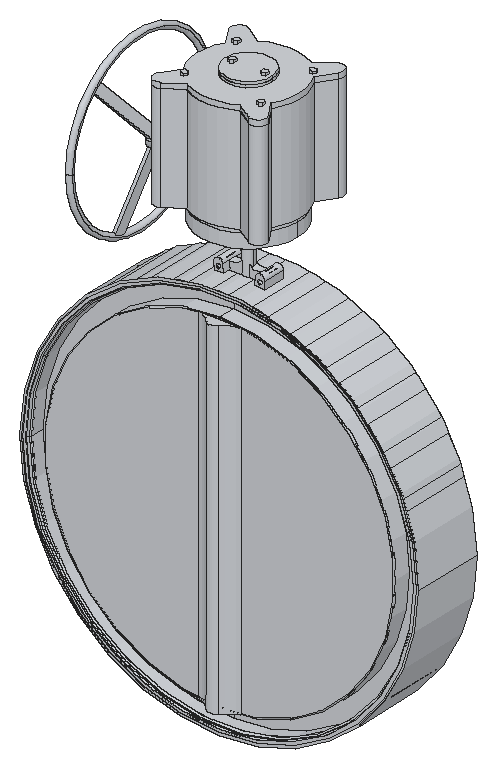
Revit family "R59WX060", category Plumbing Fixtures, Revit 2015
Reference planes
  plane 1 "Center (Front/Back)": y = 0
  plane 2: z = 0
  plane 3 "Center (Left/Right)": x = 0
  plane 4: z = 562
  plane 5: z = 812
  plane 6: z = 187
  plane 7: z = -450
  plane 8: z = -30
  plane 9: z = 617.826
  plane 10: z = -30
  plane 11: y = -17.262
  plane 12: y = 17.262
  plane 13: x = -105
  plane 14: x = 105
  plane 15: z = 826
  plane 16: x = 226
  plane 17: y = -77.787
  plane 18: y = 76.213
  plane 19: z = 532
  plane 20: x = -241
  plane 21: z = 424
Forms (mm)
  Extrusion 1, solid
    sketch origin (0, 0, 544.391) x (1, 0, 0) y (0, 1, 0)
      loop
        circle (0, 0) r 105
    from -12.391 to 17.609
  Extrusion 2, solid
    sketch origin (0, 0, -76.95) x (1, 0, 0) y (0, 1, 0)
      loop
        circle (0, 0) r 12
    from 500.95 to 608.95
  Revolve 3, solid
    sketch origin (0, 0, 0) x (0, 1, 0) y (0, 0, 1)
      loop
        line (-39.5, -410.938) -> (53, -410.938) -> (53, -375.679) -> (74.486, -375.679)
        arc (74.486, -375.679) -> (75.707, -375.173) -> (76.213, -373.951) r 1.728
        line (76.213, -373.951) -> (76.213, 0) -> (-77.787, 0) -> (-77.787, -373.951)
        arc (-77.787, -373.951) -> (-77.281, -375.173) -> (-76.059, -375.679) r 1.728
        line (-76.059, -375.679) -> (-39.5, -375.679) -> (-39.5, -410.938)
      axis (76.213, 0) -> (-77.787, 0)
    angle from 0 to 360
  Extrusion 4, solid
    sketch origin (-37.947, 28.082, 362.711) x (0.933413, 0, -0.358805) y (0.358805, 0, 0.933413)
      loop
        line (-18.251, 60.114) -> (-25.459, 74.264)
        arc (-25.459, 74.264) -> (-38.908, 78.635) -> (-43.28, 65.186) r 10
        line (-43.28, 65.186) -> (-36.072, 51.036) -> (-18.251, 60.114)
      loop
        circle (-32.1, 65.269) r 5
    from -10.991 to 37.009
  Extrusion 5, solid
    sketch origin (18.896, -132.284, 571.391) x (-0.707107, -0.707107, 0) y (0.707107, -0.707107, 0)
      loop
        line (6.619, -122.207) -> (1.336, -117.615) -> (-5.283, -119.894) -> (-6.619, -126.765) -> (-1.336, -131.358) -> (5.283, -129.079) -> (6.619, -122.207)
    from 0 to 3.746
  Extrusion 6, solid
    sketch origin (18.896, -132.284, 550.391) x (-0.707107, -0.707107, 0) y (0.707107, -0.707107, 0)
      loop
        circle (0, -124.486) r 3
    from -25.471 to 21
  Extrusion 7, solid
    sketch origin (18.896, -132.284, 531) x (-0.707107, -0.707107, 0) y (0.707107, -0.707107, 0)
      loop
        line (3.99, -123.113) -> (0.805, -120.344) -> (-3.184, -121.718) -> (-3.99, -125.86) -> (-0.805, -128.628) -> (3.184, -127.254) -> (3.99, -123.113)
      loop
        line (-3.444, -125.672) -> (-0.695, -128.061) -> (2.749, -126.876) -> (3.444, -123.301) -> (0.695, -120.911) -> (-2.749, -122.097) -> (-3.444, -125.672)
    from -1.968 to 1
  Extrusion 8, solid
    sketch origin (49.205, -126.837, 615.966) x (-0.707107, -0.707107, 0) y (0.707107, -0.707107, 0)
      loop
        line (-80.879, -231.371) -> (-71.737, -274.379)
        arc (-71.737, -274.379) -> (-54.895, -288.018) -> (-38.053, -274.379) r 17.218
        line (-38.053, -274.379) -> (-28.912, -231.371)
        arc (-28.912, -231.371) -> (22.88, -202.269) -> (51.985, -150.479) r 109.994
        line (51.985, -150.479) -> (95.021, -141.332)
        arc (95.021, -141.332) -> (108.659, -124.49) -> (95.021, -107.648) r 17.218
        line (95.021, -107.648) -> (51.988, -98.501)
        arc (51.988, -98.501) -> (22.886, -46.703) -> (-28.909, -17.596) r 109.994
        line (-28.909, -17.596) -> (-38.053, 25.426)
        arc (-38.053, 25.426) -> (-54.895, 39.064) -> (-71.737, 25.426) r 17.218
        line (-71.737, 25.426) -> (-80.882, -17.596)
        arc (-80.882, -17.596) -> (-132.673, -46.699) -> (-161.775, -98.49) r 109.994
        line (-161.775, -98.49) -> (-204.798, -107.635)
        arc (-204.798, -107.635) -> (-218.436, -124.477) -> (-204.798, -141.318) r 17.218
        line (-204.798, -141.318) -> (-161.779, -150.462)
        arc (-161.779, -150.462) -> (-132.677, -202.263) -> (-80.879, -231.371) r 109.994
    from -44.575 to 183.703
  Sweep 9, solid
    path origin (0, 0, 0) x (1, 0, 0) y (0, 0, 1)
      loop
        circle (0, 0) r 427
    profile origin (0, 0, -427) x (0, 0, 1) y (0, -1, 0)
      loop
        line (10.888, -76.213) -> (12.517, -73.871) -> (13.454, -70.374) -> (16.683, -67.145) -> (16.683, 68.718) -> (13.454, 71.947) -> (12.517, 75.445) -> (10.888, 77.787) -> (0.625, 77.787) -> (0.625, -76.213) -> (10.888, -76.213)
  Sweep 10, solid
    path origin (-0.002, 0, 0) x (1, 0, 0) y (0, 0, 1)
      loop
        circle (0, 0) r 427
    profile origin (-0.002, 0, -427) x (0, 0, 1) y (0, -1, 0)
      loop
        line (0, 77.787) -> (0, -76.213) -> (3.927, -76.213) -> (3.927, 77.787) -> (0, 77.787)
  Extrusion 11, solid
    sketch origin (-34.693, 28.082, -363.037) x (-0.843784, 0, 0.536683) y (-0.536683, 0, -0.843784)
      loop
        line (-18.251, 60.114) -> (-25.459, 74.264)
        arc (-25.459, 74.264) -> (-38.908, 78.635) -> (-43.28, 65.186) r 10
        line (-43.28, 65.186) -> (-36.072, 51.036) -> (-18.251, 60.114)
      loop
        circle (-32.1, 65.269) r 5
    from -10.991 to 37.009
  Extrusion 12, solid
    sketch origin (157.284, 43.896, 571.391) x (0.707107, -0.707107, 0) y (0.707107, 0.707107, 0)
      loop
        line (6.619, -122.207) -> (1.336, -117.615) -> (-5.283, -119.894) -> (-6.619, -126.765) -> (-1.336, -131.358) -> (5.283, -129.079) -> (6.619, -122.207)
    from 0 to 3.746
  Extrusion 13, solid
    sketch origin (157.284, 43.896, 550.391) x (0.707107, -0.707107, 0) y (0.707107, 0.707107, 0)
      loop
        circle (0, -124.486) r 3
    from -25.471 to 21
  Extrusion 14, solid
    sketch origin (157.284, 43.896, 531) x (0.707107, -0.707107, 0) y (0.707107, 0.707107, 0)
      loop
        line (3.99, -123.113) -> (0.805, -120.344) -> (-3.184, -121.718) -> (-3.99, -125.86) -> (-0.805, -128.628) -> (3.184, -127.254) -> (3.99, -123.113)
      loop
        line (-3.444, -125.672) -> (-0.695, -128.061) -> (2.749, -126.876) -> (3.444, -123.301) -> (0.695, -120.911) -> (-2.749, -122.097) -> (-3.444, -125.672)
    from -1.968 to 1
  Extrusion 15, solid
    sketch origin (-18.896, 132.284, 571.391) x (0.707107, 0.707107, 0) y (-0.707107, 0.707107, 0)
      loop
        line (6.619, -122.207) -> (1.336, -117.615) -> (-5.283, -119.894) -> (-6.619, -126.765) -> (-1.336, -131.358) -> (5.283, -129.079) -> (6.619, -122.207)
    from 0 to 3.746
  Extrusion 16, solid
    sketch origin (-18.896, 132.284, 550.391) x (0.707107, 0.707107, 0) y (-0.707107, 0.707107, 0)
      loop
        circle (0, -124.486) r 3
    from -25.471 to 21
  Extrusion 17, solid
    sketch origin (-18.896, 132.284, 531) x (0.707107, 0.707107, 0) y (-0.707107, 0.707107, 0)
      loop
        line (3.99, -123.113) -> (0.805, -120.344) -> (-3.184, -121.718) -> (-3.99, -125.86) -> (-0.805, -128.628) -> (3.184, -127.254) -> (3.99, -123.113)
      loop
        line (-3.444, -125.672) -> (-0.695, -128.061) -> (2.749, -126.876) -> (3.444, -123.301) -> (0.695, -120.911) -> (-2.749, -122.097) -> (-3.444, -125.672)
    from -1.968 to 1
  Extrusion 18, solid
    sketch origin (-157.284, -43.896, 571.391) x (-0.707107, 0.707107, 0) y (-0.707107, -0.707107, 0)
      loop
        line (6.619, -122.207) -> (1.336, -117.615) -> (-5.283, -119.894) -> (-6.619, -126.765) -> (-1.336, -131.358) -> (5.283, -129.079) -> (6.619, -122.207)
    from 0 to 3.746
  Extrusion 19, solid
    sketch origin (-157.284, -43.896, 550.391) x (-0.707107, 0.707107, 0) y (-0.707107, -0.707107, 0)
      loop
        circle (0, -124.486) r 3
    from -25.471 to 21
  Extrusion 20, solid
    sketch origin (-157.284, -43.896, 531) x (-0.707107, 0.707107, 0) y (-0.707107, -0.707107, 0)
      loop
        line (3.99, -123.113) -> (0.805, -120.344) -> (-3.184, -121.718) -> (-3.99, -125.86) -> (-0.805, -128.628) -> (3.184, -127.254) -> (3.99, -123.113)
      loop
        line (-3.444, -125.672) -> (-0.695, -128.061) -> (2.749, -126.876) -> (3.444, -123.301) -> (0.695, -120.911) -> (-2.749, -122.097) -> (-3.444, -125.672)
    from -1.968 to 1
  Extrusion 21, solid
    sketch origin (-5.763, 157.917, 810.616) x (0.707107, 0.707107, 0) y (-0.707107, 0.707107, 0)
      loop
        line (6.619, -122.207) -> (1.336, -117.615) -> (-5.283, -119.894) -> (-6.619, -126.765) -> (-1.336, -131.358) -> (5.283, -129.079) -> (6.619, -122.207)
    from 0 to 4.617
  Extrusion 22, solid
    sketch origin (-5.763, 157.917, 696.045) x (0.707107, 0.707107, 0) y (-0.707107, 0.707107, 0)
      loop
        circle (0, -124.486) r 3
    from 66.681 to 114.571
  Extrusion 23, solid
    sketch origin (170.417, 18.263, 810.616) x (0.707107, -0.707107, 0) y (0.707107, 0.707107, 0)
      loop
        line (6.619, -122.207) -> (1.336, -117.615) -> (-5.283, -119.894) -> (-6.619, -126.765) -> (-1.336, -131.358) -> (5.283, -129.079) -> (6.619, -122.207)
    from 0 to 4.617
  Extrusion 24, solid
    sketch origin (170.417, 18.263, 696.045) x (0.707107, -0.707107, 0) y (0.707107, 0.707107, 0)
      loop
        circle (0, -124.486) r 3
    from 66.681 to 114.571
  Extrusion 25, solid
    sketch origin (5.763, -157.917, 810.616) x (-0.707107, -0.707107, 0) y (0.707107, -0.707107, 0)
      loop
        line (6.619, -122.207) -> (1.336, -117.615) -> (-5.283, -119.894) -> (-6.619, -126.765) -> (-1.336, -131.358) -> (5.283, -129.079) -> (6.619, -122.207)
    from 0 to 4.617
  Extrusion 26, solid
    sketch origin (5.763, -157.917, 696.045) x (-0.707107, -0.707107, 0) y (0.707107, -0.707107, 0)
      loop
        circle (0, -124.486) r 3
    from 66.681 to 114.571
  Extrusion 27, solid
    sketch origin (-170.417, -18.263, 810.616) x (-0.707107, 0.707107, 0) y (-0.707107, -0.707107, 0)
      loop
        line (6.619, -122.207) -> (1.336, -117.615) -> (-5.283, -119.894) -> (-6.619, -126.765) -> (-1.336, -131.358) -> (5.283, -129.079) -> (6.619, -122.207)
    from 0 to 4.617
  Extrusion 28, solid
    sketch origin (-170.417, -18.263, 696.045) x (-0.707107, 0.707107, 0) y (-0.707107, -0.707107, 0)
      loop
        circle (0, -124.486) r 3
    from 66.681 to 114.571
  Extrusion 29, solid
    sketch origin (4.994, 0, 219.826) x (0, 1, 0) y (0, 0, -1)
      loop
        circle (0, -398) r 6
    from 74.348 to 199.367
  Sweep 30, solid
    path origin (-234.067, 0, 209.054) x (0, 1, 0) y (0, 0, -1)
      loop
        circle (0, -408.772) r 187
    profile origin (-234.067, 0, 804.826) x (0, 0, 1) y (-1, 0, 0)
      loop
        circle (0, 0) r 7
  Extrusion 31, solid
    sketch origin (-3.067, 0, 219.826) x (0, 1, 0) y (0, 0, -1)
      loop
        circle (0, -398) r 20
    from 166.378 to 201.654
  Extrusion 32, solid
    sketch origin (8.701, -165.594, 460.594) x (0.996525, 0.083294, -0.000135) y (-0.05437, 0.64925, -0.758629)
      loop
        line (-182.932, 4.168) -> (-189.521, 6.043) -> (-239.457, -181.426) -> (-232.868, -183.3) -> (-182.932, 4.168)
    from 230.215 to 251.867
  Extrusion 33, solid
    sketch origin (-122.734, -88.025, 821.383) x (-0.707107, 0.707107, 0) y (-0.707107, -0.707107, 0)
      loop
        line (6.619, -122.207) -> (1.336, -117.615) -> (-5.283, -119.894) -> (-6.619, -126.765) -> (-1.336, -131.358) -> (5.283, -129.079) -> (6.619, -122.207)
    from 0 to 4.617
  Extrusion 34, solid
    sketch origin (-122.734, -88.025, 706.811) x (-0.707107, 0.707107, 0) y (-0.707107, -0.707107, 0)
      loop
        circle (0, -124.486) r 3
    from 66.681 to 114.571
  Extrusion 35, solid
    sketch origin (122.679, -51.499, 821.383) x (0.707107, -0.707107, 0) y (0.707107, 0.707107, 0)
      loop
        line (-96.38, -19.209) -> (-103.251, -20.545) -> (-105.53, -27.163) -> (-100.938, -32.446) -> (-94.066, -31.111) -> (-91.787, -24.492) -> (-96.38, -19.209)
    from 0 to 4.617
  Extrusion 36, solid
    sketch origin (-122.734, -88.025, 706.811) x (-0.707107, 0.707107, 0) y (-0.707107, -0.707107, 0)
      loop
        circle (-49.047, -173.533) r 3
    from 66.681 to 114.571
  Extrusion 37, solid
    sketch origin (0, 49.8, 0) x (1, 0, 0) y (0, 1, 0)
      loop
        line (-45.752, 26.413) -> (45.661, 26.413)
        arc (45.661, 26.413) -> (27.976, 32.661) -> (13.756, 44.892) r 50.889
        arc (13.756, 44.892) -> (-0.248, 51.523) -> (-14.1, 44.579) r 17.686
        arc (-14.1, 44.579) -> (-28.242, 32.561) -> (-45.752, 26.413) r 50.889
    from -372.464 to 371.873
  Extrusion 38, solid
    sketch origin (0, 0, 809.256) x (1, 0, 0) y (0, 1, 0)
      loop
        circle (0, 0) r 50
    from 1.36 to 6.196
  Extrusion 39, solid
    sketch origin (0, 0, 816.383) x (1, 0, 0) y (0, 1, 0)
      loop
        circle (0, 0) r 50
    from 0.001 to 5
  Extrusion 40, solid
    sketch origin (0, 0, 811.888) x (1, 0, 0) y (0, 1, 0)
      loop
        circle (0, 0) r 43.203
    from 3.565 to 4.496
  Extrusion 41, solid
    sketch origin (8.701, 220.055, 554.924) x (0.996525, -0.04153, 0.072203) y (-0.05437, 0.332367, 0.941582)
      loop
        line (-182.932, 4.168) -> (-189.521, 6.043) -> (-239.457, -181.426) -> (-232.868, -183.3) -> (-182.932, 4.168)
    from 230.215 to 251.867
  Extrusion 42, solid
    sketch origin (8.701, -54.461, 841.741) x (0.996525, -0.041764, -0.072067) y (-0.05437, -0.981617, -0.182952)
      loop
        line (-182.932, 4.168) -> (-189.521, 6.043) -> (-239.457, -181.426) -> (-232.868, -183.3) -> (-182.932, 4.168)
    from 230.215 to 251.867
  Extrusion 43, solid
    sketch origin (0, 0, 569.391) x (1, 0, 0) y (0, 1, 0)
      loop
        circle (0, 0) r 105
    from -7.391 to 2
  Extrusion 44, solid
    sketch origin (49.205, -126.837, 751.598) x (-0.707107, -0.707107, 0) y (0.707107, -0.707107, 0)
      loop
        line (-80.879, -231.371) -> (-71.737, -274.379)
        arc (-71.737, -274.379) -> (-54.895, -288.018) -> (-38.053, -274.379) r 17.218
        line (-38.053, -274.379) -> (-28.912, -231.371)
        arc (-28.912, -231.371) -> (22.88, -202.269) -> (51.985, -150.479) r 109.994
        line (51.985, -150.479) -> (95.021, -141.332)
        arc (95.021, -141.332) -> (108.659, -124.49) -> (95.021, -107.648) r 17.218
        line (95.021, -107.648) -> (51.988, -98.501)
        arc (51.988, -98.501) -> (22.886, -46.703) -> (-28.909, -17.596) r 109.994
        line (-28.909, -17.596) -> (-38.053, 25.426)
        arc (-38.053, 25.426) -> (-54.895, 39.064) -> (-71.737, 25.426) r 17.218
        line (-71.737, 25.426) -> (-80.882, -17.596)
        arc (-80.882, -17.596) -> (-132.673, -46.699) -> (-161.775, -98.49) r 109.994
        line (-161.775, -98.49) -> (-204.798, -107.635)
        arc (-204.798, -107.635) -> (-218.436, -124.477) -> (-204.798, -141.318) r 17.218
        line (-204.798, -141.318) -> (-161.779, -150.462)
        arc (-161.779, -150.462) -> (-132.677, -202.263) -> (-80.879, -231.371) r 109.994
    from 48.072 to 59.018
  Extrusion 45, solid
    sketch origin (0, 0, -364.529) x (1, 0, 0) y (0, 0, 1)
      loop
        line (-31.386, -58.615) -> (-42.94, -84.573)
        arc (-42.94, -84.573) -> (-30.912, -87.299) -> (-19.604, -92.221) r 65.798
        line (-19.604, -92.221) -> (18.979, -92.221)
        arc (18.979, -92.221) -> (30.523, -87.222) -> (42.808, -84.511) r 65.798
        line (42.808, -84.511) -> (31.282, -58.615) -> (-31.386, -58.615)
    from -7.881 to 9.454
  Extrusion 46, solid
    sketch origin (37.947, -54.101, 362.711) x (-0.933413, 0, -0.358805) y (-0.358805, 0, 0.933413)
      loop
        line (-18.251, 60.114) -> (-25.459, 74.264)
        arc (-25.459, 74.264) -> (-38.908, 78.635) -> (-43.28, 65.186) r 10
        line (-43.28, 65.186) -> (-36.072, 51.036) -> (-18.251, 60.114)
      loop
        circle (-32.1, 65.269) r 5
    from -10.991 to 37.009
  Extrusion 47, solid
    sketch origin (0, 0.232, 358.09) x (-1, 0, 0) y (0, 0, -1)
      loop
        line (-32.454, -63.91) -> (-44.7, -91.423)
        arc (-44.7, -91.423) -> (-18.848, -85.337) -> (0.632, -103.389) r 28.254
        arc (0.632, -103.389) -> (18, -85.984) -> (42.428, -88.778) r 28.254
        line (42.428, -88.778) -> (33.866, -63.91) -> (-32.454, -63.91)
    from -7.881 to 9.454
  Extrusion 48, solid
    sketch origin (34.693, -54.101, -363.037) x (0.843784, 0, 0.536683) y (0.536683, 0, -0.843784)
      loop
        line (-18.251, 60.114) -> (-25.459, 74.264)
        arc (-25.459, 74.264) -> (-38.908, 78.635) -> (-43.28, 65.186) r 10
        line (-43.28, 65.186) -> (-36.072, 51.036) -> (-18.251, 60.114)
      loop
        circle (-32.1, 65.269) r 5
    from -10.991 to 37.009
  Extrusion 49, solid
    sketch origin (0, -51.374, 0) x (1, 0, 0) y (0, 1, 0)
      loop
        arc (-45.752, -26.413) -> (-28.242, -32.561) -> (-14.1, -44.579) r 50.889
        arc (-14.1, -44.579) -> (-0.248, -51.523) -> (13.756, -44.892) r 17.686
        arc (13.756, -44.892) -> (27.976, -32.661) -> (45.661, -26.413) r 50.889
        line (45.661, -26.413) -> (-45.752, -26.413)
    from -372.464 to 371.873
Dimensions and locks
  plane 2 to plane 4 = 562 mm
  locked: level to plane 5 at 812
  plane 7 to level = 450 mm
  plane 18 to plane 17 = 154 mm
  locked: plane 19 to plane 4 at 30
  plane 16 to plane 3 "Center (Left/Right)" = 226 mm
  locked: plane 13 to plane 14 at 210
  locked: plane 4 to plane 15 at 264
  plane 3 "Center (Left/Right)" to plane 20 = 241 mm
  locked: plane 21 to plane 5 at 388
  aligned and locked: level to plane 2
